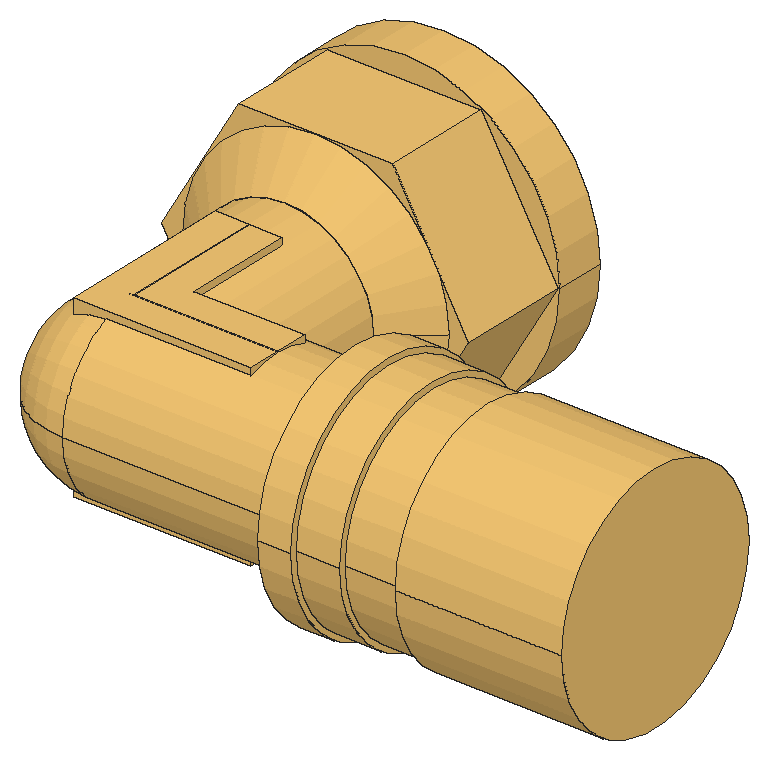
Revit family "VTm.452.BG", category Соединительные детали трубопроводов, Revit 2019
Family settings
  Размер круглого соединителя = Использовать диаметр
  Тип детали = Отвод
  На основе рабочей плоскости = Нет
  Всегда вертикально = Да
  При загрузке вырезать с полостями = Нет
  Общий = Нет
Parameters
  Таблица = "VTm.452.BG"  # constant formula
  Описание = "Фитинг аксиальный универсальный – угольник надвижной"  # constant formula
  Изготовитель = "VALTEC"  # constant formula
  Группа модели = "Аксиальные фитинги универсальные"  # constant formula
  msg [instance] = size_lookup(Таблица, "msg", 0 mm, Du1, Du2)  # 25 mm
  msf [instance] = size_lookup(Таблица, "msf", 0 mm, Du1, Du2)  # 88 mm
  h2 [instance] = size_lookup(Таблица, "h2", 0 mm, Du1, Du2)  # 13 mm
  h1 [instance] = size_lookup(Таблица, "h1", 0 mm, Du1, Du2)  # 6 mm
  g2 [instance] = dn1 - 1 mm  # 20 mm
  g1 [instance] = dn1 + 1 mm  # 22 mm
  g [instance] = size_lookup(Таблица, "g", 0 mm, Du1, Du2)  # 3 mm
  dn2 [instance] = size_lookup(Таблица, "dn2", 0 mm, Du1, Du2)  # 19 mm
  dn1 [instance] = size_lookup(Таблица, "dn1", 0 mm, Du1, Du2)  # 21 mm
  d [instance] = size_lookup(Таблица, "d", 0 mm, Du1, Du2)  # 16 mm
  f [instance] = size_lookup(Таблица, "f", 0 mm, Du1, Du2)  # 28 mm
  b [instance] = size_lookup(Таблица, "b", 0 mm, Du1, Du2)  # 10 mm
  a [instance] = size_lookup(Таблица, "a", 0 mm, Du1, Du2)  # 24 mm
  L4 [instance] = size_lookup(Таблица, "L4", 0 mm, Du1, Du2)  # 24 mm
  L3 [instance] = size_lookup(Таблица, "L3", 0 mm, Du1, Du2)  # 35 mm
  L2 [instance] = size_lookup(Таблица, "L2", 0 mm, Du1, Du2)  # 17 mm
  L1 [instance] = size_lookup(Таблица, "L1", 0 mm, Du1, Du2)  # 20 mm
  Du2 [instance] = 15 mm
  Du1 [instance] = 16 mm
  ADSK_Позиция [instance] = ""
  ADSK_Обозначение [instance] = "VTm.452.BG"  # constant formula
  ADSK_Наименование [instance] = size_lookup(Таблица, "", "Данный типоразмер отсутствует", Du1, Du2)  # "Фитинг аксиальный универсальный – угольник надвижной с переходом на внутреннюю резьбу 16 (2,2) мм х 1/2\""
  ADSK_Материал [instance] = Латунь -CW614N
  ADSK_Масса_фитинга [instance] = msf / 1000 mm  # 0.088
  ADSK_Масса_гильзы [instance] = msg / 1000 mm  # 0.025
  ADSK_Код изделия - фитинг [instance] = size_lookup(Таблица, "Код продукта", "Данный типоразмер отсутствует", Du1, Du2)  # "VTm.452.BG.001604"
  ADSK_Код изделия - гильза [instance] = size_lookup(Таблица, "Код гильза", "Данный типоразмер отсутствует", Du1, Du2)  # "VTm.400.BG.001622"
  ADSK_Завод-изготовитель [instance] = Изготовитель  # "VALTEC"
  ADSK_Единица измерения [instance] = "шт."  # constant formula
  ADSK_URL страницы изделия [instance] = "https://valtec.ru/catalog/sistemy_metallopolimernyh_i_polimernyh_truboprovodov/aksialnye_fitingi_universalnye/fiting_aksialnyj_universalnyj_ugolnik_nadvijnoj_s_perehodom_na_vnutrennyuyu_rezbu.html"
  ADSK_URL документации изделия [instance] = "https://valtec.ru/document/technical/VTm.400.BG-0321.pdf"
Reference planes
  plane 1 "По центру (Вперед/Назад)": y = 0
  plane 2: z = 0
  plane 3 "По центру (Влево/Вправо)": x = 0
  plane 4: y = 8
  plane 5: y = -8
  plane 6: x = 20
  plane 7: x = 23
  plane 8: x = 27
  plane 9: x = 32
  plane 10: x = 47
  plane 11: y = 17
  plane 12: y = 20.5
  plane 13: y = 30.5
  plane 14: y = 35
  plane 15: z = 12
  plane 16: z = -12
  plane 17: through (0, -1524, 0) normal (-0.866, 0, -0.5)
  plane 18: through (-21.706, -1524, 13.596) normal (0.866, 0, 0.5)
  plane 19: through (-0.151, -1524, 24.262) normal (0.866, 0, 0.5)
  plane 20: through (0, -1524, 0) normal (-0.866, 0, 0.5)
  plane 21: through (21.6, -1524, 13.413) normal (0.866, 0, -0.5)
  plane 22: through (-0.3, -1524, 23.48) normal (0.866, 0, -0.5)
  plane 23: y = 13
  plane 24: x = 13
  plane 25: y = -3
  plane 26: y = 3
  plane 27: x = 3
  plane 28: x = -3
  plane 29: z = 8
  plane 30: z = -8
Forms (mm)
  Revolve 1, solid, material "Латунь -CW614N" <- "ADSK_Материал", detail levels fine
    sketch origin (0, 0, 0) x (1, 0, 0) y (0, 1, 0)
      loop
        arc (-8, 0) -> (-5.657, -5.657) -> (0, -8) r 8
        line (0, -8) -> (20, -8) -> (20, 0) -> (-8, 0)
      axis (20, 0) -> (-8, 0)
    angle from 0 to 360
  Extrusion 2, solid, material "Латунь -CW614N" <- "ADSK_Материал", detail levels fine
    sketch origin (0, 0, 0) x (0, 1, 0) y (0, 0, 1)
      loop
        circle (0, 0) r 11
    from 20 to 23
  Extrusion 3, solid, material "Латунь -CW614N" <- "ADSK_Материал", detail levels fine
    sketch origin (0, 0, 0) x (0, 1, 0) y (0, 0, 1)
      loop
        circle (0, 0) r 10.5
    from 23 to 27
  Extrusion 4, solid, material "Латунь -CW614N" <- "ADSK_Материал", detail levels fine
    sketch origin (0, 0, 0) x (0, 1, 0) y (0, 0, 1)
      loop
        circle (0, 0) r 10
    from 27 to 32
  Extrusion 5, solid, material "Латунь -CW614N" <- "ADSK_Материал", detail levels fine
    sketch origin (0, 0, 0) x (0, 1, 0) y (0, 0, 1)
      loop
        circle (0, 0) r 10.5
    from 32 to 47
  Extrusion 6, solid, material "Латунь -CW614N" <- "ADSK_Материал", detail levels fine
    sketch origin (0, 0, 0) x (1, 0, 0) y (0, 0, 1)
      loop
        circle (0, 0) r 8
    from -17 to 0
  Blend 7, solid, material "Латунь -CW614N" <- "ADSK_Материал", detail levels fine
    base sketch origin (0, 0, 0) x (1, 0, 0) y (0, 0, 1)
      loop
        circle (0, 0) r 12
    top sketch origin (0, 0, 0) x (1, 0, 0) y (0, 0, 1)
      loop
        circle (0, 0) r 8
    from -20.5 to -17
  Extrusion 8, solid, material "Латунь -CW614N" <- "ADSK_Материал", detail levels fine
    sketch origin (0, 0, 0) x (1, 0, 0) y (0, 0, 1)
      loop
        circle (0, 0) r 14
    from -35 to -30.5
  Extrusion 9, solid, material "Латунь -CW614N" <- "ADSK_Материал", detail levels fine
    sketch origin (0, 0, 0) x (1, 0, 0) y (0, 0, 1)
      loop
        line (-13.856, 0) -> (-6.928, -12) -> (6.928, -12) -> (13.856, 0) -> (6.928, 12) -> (-6.928, 12) -> (-13.856, 0)
    from -30.5 to -20.5
  Extrusion 10, solid, material "Латунь -CW614N" <- "ADSK_Материал", detail levels fine
    sketch origin (0, 0, 0) x (1, 0, 0) y (0, 1, 0)
      loop
        line (-3, -3) -> (13, -3) -> (13, 3) -> (3, 3) -> (3, 13) -> (-3, 13) -> (-3, -3)
    from -8 to 8
Dimensions and locks
  equal spacing: plane 4, plane 1 "По центру (Вперед/Назад)", plane 5
  "d": plane 4 to plane 5
  "L1": plane 3 "По центру (Влево/Вправо)" to plane 6
  "g": plane 6 to plane 7
  locked: plane 7 to plane 8 at 4
  locked: plane 8 to plane 9 at 5
  "L4": plane 7 to plane 10
  locked: plane 14 to plane 13 at 4.5
  "L2": plane 1 "По центру (Вперед/Назад)" to plane 11
  "b": plane 13 to plane 12
  "L3": plane 14 to plane 1 "По центру (Вперед/Назад)"
  equal spacing: plane 15, level, plane 16
  "a": plane 15 to plane 16
  equal spacing: plane 21, plane 20, plane 22
  "a": plane 21 to plane 22
  equal spacing: plane 19, plane 17, plane 18
  "a": plane 19 to plane 18
  equal spacing: plane 28, plane 3 "По центру (Влево/Вправо)", plane 27
  equal spacing: plane 26, plane 1 "По центру (Вперед/Назад)", plane 25
  "h1": plane 26 to plane 25
  "h1": plane 28 to plane 27
  "h2": plane 3 "По центру (Влево/Вправо)" to plane 24
  "h2": plane 23 to plane 1 "По центру (Вперед/Назад)"
  equal spacing: plane 29, level, plane 30
  "d": plane 29 to plane 30
  "d": diameter of Revolve 1 sketch curve
  "g1": diameter of Extrusion 2 sketch curve
  "dn1": diameter of Extrusion 3 sketch curve
  "g2": diameter of Extrusion 4 sketch curve
  "dn1": diameter of Extrusion 5 sketch curve
  "d": diameter of Extrusion 6 sketch curve
  "a": diameter of Blend 7 sketch curve
  "d": diameter of Blend 7 sketch curve
  "f": diameter of Extrusion 8 sketch curve
  aligned and locked: level to plane 2
  aligned and locked: plane 5 to Revolve 1 sketch curve
  aligned and locked: plane 1 "По центру (Вперед/Назад)" to Revolve 1 sketch curve
  aligned and locked: Revolve 1 sketch curve to plane 1 "По центру (Вперед/Назад)"
  aligned and locked: Revolve 1 sketch curve to plane 6
  aligned and locked: plane 1 "По центру (Вперед/Назад)" to Extrusion 2 sketch curve
  aligned and locked: level to Extrusion 2 sketch curve
  aligned and locked: Extrusion 2 to Revolve 1
  aligned and locked: plane 7 to Extrusion 2
  aligned and locked: plane 1 "По центру (Вперед/Назад)" to Extrusion 3 sketch curve
  aligned and locked: level to Extrusion 3 sketch curve
  aligned and locked: Extrusion 3 to plane 7
  aligned and locked: plane 8 to Extrusion 3
  aligned and locked: plane 1 "По центру (Вперед/Назад)" to Extrusion 4 sketch curve
  aligned and locked: level to Extrusion 4 sketch curve
  aligned and locked: Extrusion 4 to plane 8
  aligned and locked: plane 9 to Extrusion 4
  aligned and locked: plane 1 "По центру (Вперед/Назад)" to Extrusion 5 sketch curve
  aligned and locked: level to Extrusion 5 sketch curve
  aligned and locked: Extrusion 5 to plane 9
  aligned and locked: plane 10 to Extrusion 5
  aligned and locked: plane 3 "По центру (Влево/Вправо)" to Extrusion 6 sketch curve
  aligned and locked: level to Extrusion 6 sketch curve
  aligned and locked: plane 1 "По центру (Вперед/Назад)" to Extrusion 6
  aligned and locked: plane 11 to Extrusion 6
  aligned and locked: plane 3 "По центру (Влево/Вправо)" to Blend 7 sketch curve  (x2)
  aligned and locked: level to Blend 7 sketch curve  (x2)
  aligned and locked: plane 12 to Blend 7
  aligned and locked: Blend 7 to Extrusion 6
  aligned and locked: plane 3 "По центру (Влево/Вправо)" to Extrusion 8 sketch curve
  aligned and locked: level to Extrusion 8 sketch curve
  aligned and locked: plane 14 to Extrusion 8
  aligned and locked: Extrusion 8 to plane 13
  aligned and locked: Extrusion 9 sketch curve to plane 22
  aligned and locked: plane 15 to Extrusion 9 sketch curve
  aligned and locked: plane 19 to Extrusion 9 sketch curve
  aligned and locked: plane 21 to Extrusion 9 sketch curve
  aligned and locked: plane 16 to Extrusion 9 sketch curve
  aligned and locked: Extrusion 9 sketch curve to plane 18
  aligned and locked: Extrusion 9 to plane 13
  aligned and locked: Extrusion 9 to plane 12
  aligned and locked: Extrusion 10 sketch curve to plane 25
  aligned and locked: Extrusion 10 sketch curve to plane 24
  aligned and locked: Extrusion 10 sketch curve to plane 26
  aligned and locked: plane 28 to Extrusion 10 sketch curve
  aligned and locked: Extrusion 10 sketch curve to plane 27
  aligned and locked: Extrusion 10 sketch curve to plane 23
  aligned and locked: Extrusion 10 to plane 29
  aligned and locked: plane 30 to Extrusion 10
  aligned and locked: plane 3 "По центру (Влево/Вправо)" to nested 1
  aligned and locked: plane 1 "По центру (Вперед/Назад)" to nested 1
Automatic sketch dimensions
  Revolve 1 sketch curve to plane 3 "По центру (Влево/Вправо)" = 0 mm
  Revolve 1 sketch curve to Revolve 1 sketch curve = 1994.123 mm
  plane 10 to Revolve 1 sketch curve = 1953.471 mm
Nested families
  nested 1: "условный вид_5" at (0, 0, 0), type "условный вид_5", detail levels coarse+medium
Connectors
  piping at (23, 0, 0), diameter 16, driven by "Du1"
    settings: on Extrusion 2, index 1, connector inside diameter 609.6 mm, connector length 0 mm, flow factor 0, pipe flow 0.0 L/s, pressure drop 0.0 Pa, fitting loss kfactor 0, connector angle 0.00°, fixture units 0, engagement length 0 mm, angle of deflection 0.00°, flow configuration 0, flow direction 0, fitting loss method 0, system type 7, joint type 0, gender type 0, connector reference index -1, connector utility 0, adjustable connector no, is connector primary yes, connector description ""
  piping at (0, 20.5, 0), diameter 15, driven by "Du2"
    settings: on Extrusion 9, index 2, connector inside diameter 609.6 mm, connector length 0 mm, flow factor 0, pipe flow 0.0 L/s, pressure drop 0.0 Pa, fitting loss kfactor 0, connector angle 0.00°, fixture units 0, engagement length 0 mm, angle of deflection 0.00°, flow configuration 0, flow direction 0, fitting loss method 0, system type 28, joint type 0, gender type 0, connector reference index -1, connector utility 0, adjustable connector no, is connector primary no, connector description ""
Definition of nested family "условный вид_5"
  Reference planes
    plane 1: y = 0
    plane 2: x = 0
  Lines and regions (mm)
    Filled region 1, type "Цветовая область 1"
      outline origin (0, 0, 0) x (1, 0, 0) y (0, 1, 0)
        loop
          line (0, 35) -> (-10, 10) -> (10, 10) -> (0, 35)
    detail lines
      curve 1: line (0, 0, 0) -> (25, 0, 0)
      curve 2: line (0, 0, 0) -> (0, 10, 0)
      curve 3: line (-10, 10, 0) -> (10, 10, 0)
      curve 4: line (0, 35, 0) -> (10, 10, 0)
      curve 5: line (0, 35, 0) -> (-10, 10, 0)
  Dimensions and locks
    aligned and locked: Filled region 1 sketch curve to curve 4
    aligned and locked: Filled region 1 sketch curve to curve 5
    aligned and locked: Filled region 1 sketch curve to curve 3
